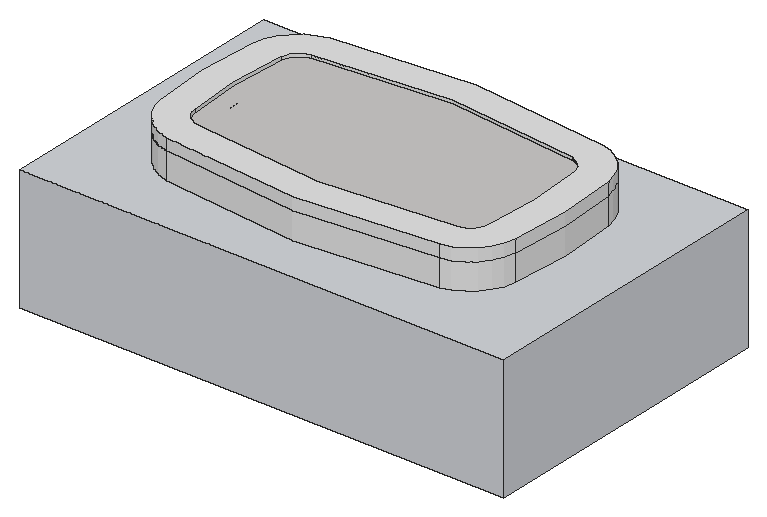
Revit family
Parameters (values of type "White Granite with Stainless Cover")
  seatangle [instance] = if(Fold Down, 90.00°, 0.00°)  # 0.00°
  dooradjust [instance] = if(seatangle = 0.00°, 0' 0 5/8", 0' 1 5/8")  # 0' - 0 5/8"
  Warranty Duration (Years) = 0
  Unit Width = 2' - 11 3/16"
  Unit Height = 1' - 10 1/4"
  Unit Depth = 0' - 3 3/4"
  URL = "http://www.bobrick.com/Pages/default.aspx"
  Test Data = ""
  Standards Conformance = "ADA with proper mounting height  ;  Made in U.S.A."
  Specification = ""
  SpecWizard = ""
  Send Message = "http://www.arcat.com/users.pl?action=UserEmail&company=Bobrick+Washroom+Equipment,+Inc.&coid=30988&rep=156&fax=818-503-1930&mf="
  Sales Information = "http://www.bobrick.com/Pages/ContactUs.aspx"
  Revision = "R1_10_2012"
  Region Restriction = "None"
  Recycled Content = "16%"
  Product Properties = ""
  Product Data = "http://arcat.com/arcatcos/cos30/arc30988.html?isac=1&r=1"
  Mounting Height [instance] = 2' - 4 3/4"
  Model = "KB200-05SS"
  Manufacturer Website = "http://www.bobrick.com/Pages/default.aspx"
  Manufacturer Phone - Toll Free = ""
  Manufacturer Phone = "818-764-1000"
  Manufacturer Fax = "818-503-1930"
  Manufacturer Address = "11611 Hart St. North Hollywood, CA 91605-5882"
  Manufacturer = "Bobrick Washroom Equipment, Inc."
  Maintenance Schedule (Months) = 0
  Keynote = "102813"
  Installation-Fabrication = "http://www.bobrick.com/washroomaccessories/Pages/WashroomAccessories.aspx"
  Installation Phase = ""
  Green Building-LEED = ""
  Fold Up [instance] = not(Fold Down)  # yes
  Fold Down [instance] = no
  Fixture Material = Plastic - Bobrick - White Granite
  Expected Lifespan (Years) = 0
  Drawn By = "Sumex Design, Inc. / Robert S. Weygant, CSI, CDT, SCIP"
  Description = "Bobrick Horizontal Baby Changing Station - Koala Kare KB200-05SS"
  Default Elevation = 0' - 0"
  Cover Finish = Plastic - Bobrick - White Granite
  Copyright = "©Arcat Inc."
  Construction Details = ""
  Center Plate Finish = Steel - Bobrick - Stainless Satin
  Capacity = "200 lbs  ;  50 liners"
  Building Codes = ""
  Assembly Code = "E1090900"
Types (6): name | Model | Fixture Material | Description | Cover Finish | Center Plate Finish
  White Granite with Stainless Cover | "KB200-05SS" | Plastic - Bobrick - White Granite | "Bobrick Horizontal Baby Changing Station - Koala Kare KB200-05SS" | Plastic - Bobrick - White Granite | Steel - Bobrick - Stainless Satin
  Grey with Stainless Cover | "KB200-01SS" | Plastic - Bobrick - Grey | "Bobrick Horizontal Baby Changing Station - Koala Kare KB200-01SS" | Plastic - Bobrick - Grey | Steel - Bobrick - Stainless Satin
  Earth | "KB200-11" | Plastic - Bobrick - Earth | "Bobrick Horizontal Baby Changing Station - Koala Kare KB200-11" | Plastic - Bobrick - Earth | Plastic - Bobrick - Earth
  White Granite | "KB200-05" | Plastic - Bobrick - White Granite | "Bobrick Horizontal Baby Changing Station - Koala Kare KB200-05" | Plastic - Bobrick - White Granite | Plastic - Bobrick - White Granite
  Grey | "KB200-01" | Plastic - Bobrick - Grey | "Bobrick Horizontal Baby Changing Station - Koala Kare KB200-01" | Plastic - Bobrick - Grey | Plastic - Bobrick - Grey
  Cream | "KB200-00" | Plastic - Bobrick - Cream | "Bobrick Horizontal Baby Changing Station - Koala Kare KB200-00" | Plastic - Bobrick - Cream | Plastic - Bobrick - Cream
Reference planes (in)
  plane 1 "x": y = -4.03043
  plane 2: z = 0
  plane 3 "Center (Left/Right)": x = 0
  plane 4: y = 7.09457
  plane 5: y = -15.15543
  plane 6: x = -17.59375
  plane 7: x = 17.59375
  plane 8: z = 3.75
  plane 9 "FF": y = -43.90543
  plane 10: z = 3.125
  plane 11: y = -13.96793
Forms (in)
  Extrusion 1, solid
    sketch origin (0, 0, 0) x (1, 0, 0) y (0, 1, 0)
      loop
        line (-23, 10.03207) -> (-23, -19.501) -> (23.9838, -19.501) -> (23.9838, 10.03207) -> (-23, 10.03207)
    from 0 to -12
  Extrusion 2, solid, material "Plastic - Bobrick - White Granite" <- "Cover Finish"
    sketch origin (0, -12.71793, 6.625) x (1, 0, 0) y (0, 1, 0)
      loop
        arc (-13.20722, 18.55231) -> (-15.89551, 17.07694) -> (-17.21695, 14.30973) r 5
        arc (-17.21695, 14.30973) -> (-17.59375, 8.6875) -> (-17.21695, 3.06527) r 42.13281
        arc (-17.21695, 3.06527) -> (-15.89551, 0.29806) -> (-13.20722, -1.17731) r 5
        arc (-13.20722, -1.17731) -> (0, -2.4375) -> (13.20722, -1.17731) r 69.83813
        arc (13.20722, -1.17731) -> (15.89551, 0.29806) -> (17.21695, 3.06527) r 5
        arc (17.21695, 3.06527) -> (17.59375, 8.6875) -> (17.21695, 14.30973) r 42.13281
        arc (17.21695, 14.30973) -> (15.89551, 17.07694) -> (13.20722, 18.55231) r 5
        arc (13.20722, 18.55231) -> (0, 19.8125) -> (-13.20722, 18.55231) r 69.83813
      loop
        arc (-12.63989, 15.60644) -> (-13.7152, 15.01629) -> (-14.24378, 13.90941) r 2
        arc (-14.24378, 13.90941) -> (-14.59375, 8.6875) -> (-14.24378, 3.46559) r 39.13281
        arc (-14.24378, 3.46559) -> (-13.7152, 2.35871) -> (-12.63989, 1.76856) r 2
        arc (-12.63989, 1.76856) -> (0, 0.5625) -> (12.63989, 1.76856) r 66.83813
        arc (12.63989, 1.76856) -> (13.7152, 2.35871) -> (14.24378, 3.46559) r 2
        arc (14.24378, 3.46559) -> (14.59375, 8.6875) -> (14.24378, 13.90941) r 39.13281
        arc (14.24378, 13.90941) -> (13.7152, 15.01629) -> (12.63989, 15.60644) r 2
        arc (12.63989, 15.60644) -> (0, 16.8125) -> (-12.63989, 15.60644) r 66.83813
    from -4.06149 to -2.875
  Extrusion 3, solid, material "Steel - Bobrick - Stainless Satin" <- "Center Plate Finish"
    sketch origin (0, -13.96793, 6.625) x (1, 0, 0) y (0, 1, 0)
      loop
        arc (-14.24378, 4.71559) -> (-13.7152, 3.60871) -> (-12.63989, 3.01856) r 2
        arc (-12.63989, 3.01856) -> (0, 1.8125) -> (12.63989, 3.01856) r 66.83813
        arc (12.63989, 3.01856) -> (13.7152, 3.60871) -> (14.24378, 4.71559) r 2
        arc (14.24378, 4.71559) -> (14.59375, 9.9375) -> (14.24378, 15.15941) r 39.13281
        arc (14.24378, 15.15941) -> (13.7152, 16.26629) -> (12.63989, 16.85644) r 2
        arc (12.63989, 16.85644) -> (0, 18.0625) -> (-12.63989, 16.85644) r 66.83813
        arc (-12.63989, 16.85644) -> (-13.7152, 16.26629) -> (-14.24378, 15.15941) r 2
        arc (-14.24378, 15.15941) -> (-14.59375, 9.9375) -> (-14.24378, 4.71559) r 39.13281
    from -4.33311 to -3.11615
  Extrusion 4, solid, material "Plastic - Bobrick - White Granite" <- "Fixture Material"
    sketch origin (0, -13.96793, 6.625) x (1, 0, 0) y (0, 1, 0)
      loop
        arc (-17.21695, 15.55973) -> (-17.59375, 9.9375) -> (-17.21695, 4.31527) r 42.13281
        arc (-17.21695, 4.31527) -> (-15.89551, 1.54806) -> (-13.20722, 0.07269) r 5
        arc (-13.20722, 0.07269) -> (0, -1.1875) -> (13.20722, 0.07269) r 69.83813
        arc (13.20722, 0.07269) -> (15.89551, 1.54806) -> (17.21695, 4.31527) r 5
        arc (17.21695, 4.31527) -> (17.59375, 9.9375) -> (17.21695, 15.55973) r 42.13281
        arc (17.21695, 15.55973) -> (15.89551, 18.32694) -> (13.20722, 19.80231) r 5
        arc (13.20722, 19.80231) -> (0, 21.0625) -> (-13.20722, 19.80231) r 69.83813
        arc (-13.20722, 19.80231) -> (-15.89551, 18.32694) -> (-17.21695, 15.55973) r 5
      loop
        arc (-15.23483, 15.29285) -> (-15.59375, 9.9375) -> (-15.23483, 4.58215) r 40.13281
        arc (-15.23483, 4.58215) -> (-14.44197, 2.92182) -> (-12.829, 2.0366) r 3
        arc (-12.829, 2.0366) -> (0, 0.8125) -> (12.829, 2.0366) r 67.83813
        arc (12.829, 2.0366) -> (14.44197, 2.92182) -> (15.23483, 4.58215) r 3
        arc (15.23483, 4.58215) -> (15.59375, 9.9375) -> (15.23483, 15.29285) r 40.13281
        arc (15.23483, 15.29285) -> (14.44197, 16.95318) -> (12.829, 17.8384) r 3
        arc (12.829, 17.8384) -> (0, 19.0625) -> (-12.829, 17.8384) r 67.83813
        arc (-12.829, 17.8384) -> (-14.44197, 16.95318) -> (-15.23483, 15.29285) r 3
    from -6.625 to -4.06149
  Blend 5, void
    base sketch origin (0, -13.96793, 6.625) x (1, 0, 0) y (0, 1, 0)
      loop
        arc (-15.23483, 4.58215) -> (-14.44197, 2.92182) -> (-12.829, 2.0366) r 3
        arc (-12.829, 2.0366) -> (0, 0.8125) -> (12.829, 2.0366) r 67.83813
        arc (12.829, 2.0366) -> (14.44197, 2.92182) -> (15.23483, 4.58215) r 3
        arc (15.23483, 4.58215) -> (15.59375, 9.9375) -> (15.23483, 15.29285) r 40.13281
        arc (15.23483, 15.29285) -> (14.44197, 16.95318) -> (12.829, 17.8384) r 3
        arc (12.829, 17.8384) -> (0, 19.0625) -> (-12.829, 17.8384) r 67.83813
        arc (-12.829, 17.8384) -> (-14.44197, 16.95318) -> (-15.23483, 15.29285) r 3
        arc (-15.23483, 15.29285) -> (-15.59375, 9.9375) -> (-15.23483, 4.58215) r 40.13281
    top sketch origin (0, -13.96793, 6.625) x (1, 0, 0) y (0, 1, 0)
      loop
        arc (-13.99601, 4.74895) -> (-13.53351, 3.78043) -> (-12.59261, 3.26405) r 1.75
        arc (-12.59261, 3.26405) -> (0, 2.0625) -> (12.59261, 3.26405) r 66.58813
        arc (12.59261, 3.26405) -> (13.53351, 3.78043) -> (13.99601, 4.74895) r 1.75
        arc (13.99601, 4.74895) -> (14.34375, 9.9375) -> (13.99601, 15.12605) r 38.88281
        arc (13.99601, 15.12605) -> (13.53351, 16.09457) -> (12.59261, 16.61095) r 1.75
        arc (12.59261, 16.61095) -> (0, 17.8125) -> (-12.59261, 16.61095) r 66.58813
        arc (-12.59261, 16.61095) -> (-13.53351, 16.09457) -> (-13.99601, 15.12605) r 1.75
        arc (-13.99601, 15.12605) -> (-14.34375, 9.9375) -> (-13.99601, 4.74895) r 38.88281
    from -5.97079 to -4.68497
  Extrusion 6, solid, material "Plastic - Bobrick - White Granite" <- "Fixture Material"
    sketch origin (0, -13.96793, 6.625) x (1, 0, 0) y (0, 1, 0)
      loop
        arc (-15.23483, 4.58215) -> (-14.44197, 2.92182) -> (-12.829, 2.0366) r 3
        arc (-12.829, 2.0366) -> (0, 0.8125) -> (12.829, 2.0366) r 67.83813
        arc (12.829, 2.0366) -> (14.44197, 2.92182) -> (15.23483, 4.58215) r 3
        arc (15.23483, 4.58215) -> (15.59375, 9.9375) -> (15.23483, 15.29285) r 40.13281
        arc (15.23483, 15.29285) -> (14.44197, 16.95318) -> (12.829, 17.8384) r 3
        arc (12.829, 17.8384) -> (0, 19.0625) -> (-12.829, 17.8384) r 67.83813
        arc (-12.829, 17.8384) -> (-14.44197, 16.95318) -> (-15.23483, 15.29285) r 3
        arc (-15.23483, 15.29285) -> (-15.59375, 9.9375) -> (-15.23483, 4.58215) r 40.13281
    from -5.97079 to -4.06149
  Sweep 7, solid, material "Plastic - Bobrick - White Granite" <- "Fixture Material"
    path origin (0, 0, 0) x (1, 0, 0) y (0, 1, 0)
      loop
        line (9.84375, -15.15543) -> (-9.84375, -15.15543)
    profile origin (0, -15.15543, 0) x (0, -1, 0) y (0, 0, 1)
      loop
        line (-19.83194, 1.56022) -> (-20.25, 0) -> (-1.02102, 0) -> (-1.02102, 0.46545) -> (-1.77102, 0.46545) -> (-1.77102, 1.08319) -> (-3.1414, 2.49248)
        arc (-3.1414, 2.49248) -> (-4.31734, 2.91818) -> (-5.37907, 2.25729) r 1.43152
        arc (-5.37907, 2.25729) -> (-12.20573, 2.86056) -> (-19.03495, 2.28703) r 39.91051
        arc (-19.03495, 2.28703) -> (-19.53984, 2.0403) -> (-19.83194, 1.56022) r 1
  Extrusion 8, void
    sketch origin (0, 0, 0) x (1, 0, 0) y (0, 1, 0)
      loop
        line (-9.84375, 5.09457) -> (-9.84375, 0.09457)
        arc (-9.84375, 0.09457) -> (-8.37928, 3.6301) -> (-4.84375, 5.09457) r 5
        line (-4.84375, 5.09457) -> (-9.84375, 5.09457)
      loop
        line (9.84375, 5.09457) -> (4.84375, 5.09457)
        arc (4.84375, 5.09457) -> (8.37928, 3.6301) -> (9.84375, 0.09457) r 5
        line (9.84375, 0.09457) -> (9.84375, 5.09457)
    from 0 to 3.13523
Cuts and joins
  Blend 5 cuts Extrusion 6
  Extrusion 8 cuts Sweep 7
Lines and regions (in)
  reference lines
    curve 1: line (0, -13.96793, 3.125) -> (0, -7.46793, 3.125)
    curve 2: line (0, -13.96793, 3.125) -> (0, -13.96793, 6.625)
Dimensions and locks (in)
  equal spacing: plane 4, plane 1 "x", plane 5
  "Unit Height": plane 4 to plane 5
  equal spacing: plane 6, plane 3 "Center (Left/Right)", plane 7
  "Unit Width": plane 6 to plane 7
  "Mounting Height": plane 5 to plane 9 "FF"
  "Unit Depth": plane 8 to level
  plane 5 to plane 11 = 0' - 1 3/16"
  "dooradjust": plane 8 to plane 10
  "seatangle": angle plane 10 to curve 1
  aligned and locked: plane 2 to Extrusion 1
  aligned and locked: level to Extrusion 1
  aligned and locked: plane 11 to curve 1
  aligned and locked: curve 1 to plane 10
  aligned and locked: plane 5 to Sweep 7 sketch curve
Automatic sketch dimensions
  Extrusion 1 sketch curve to Extrusion 1 sketch curve = 3' - 10.9838"
  Extrusion 1 sketch curve to Extrusion 1 sketch curve = 2' - 5.53307"
  curve 2 to curve 1 = 0' - 0"  (x2)
  curve 1 to curve 2 = 0' - 3 1/2"
  Extrusion 2 sketch curve to plane 3 "Center (Left/Right)" = 0' - 0"  (x2)
  plane 6 to Extrusion 2 sketch curve = 0' - 5.33209"  (x2)
  Extrusion 2 sketch curve to Extrusion 2 sketch curve = 0' - 0.94556"  (x4)
  Extrusion 2 sketch curve to Extrusion 2 sketch curve = 0' - 0"  (x38)
  plane 6 to Extrusion 2 sketch curve = 0' - 0.3768"
  Extrusion 2 sketch curve to Extrusion 2 sketch curve = 0' - 4.95528"  (x2)
  Extrusion 2 sketch curve to plane 6 = 0' - 6 121/128"
  Extrusion 2 sketch curve to plane 7 = 0' - 5.33209"  (x2)
  Extrusion 2 sketch curve to plane 7 = 0' - 0.3768"
  Extrusion 2 sketch curve to Extrusion 2 sketch curve = 0' - 1.98211"
  Extrusion 3 sketch curve to plane 3 "Center (Left/Right)" = 0' - 0"  (x2)
  plane 6 to Extrusion 3 sketch curve = 0' - 5.33209"  (x2)
  Extrusion 3 sketch curve to Extrusion 3 sketch curve = 0' - 0.37822"  (x4)
  Extrusion 3 sketch curve to Extrusion 3 sketch curve = 0' - 0"  (x7)
  Extrusion 3 sketch curve to Extrusion 3 sketch curve = 0' - 1.98211"  (x4)
  Extrusion 3 sketch curve to plane 6 = 0' - 6 121/128"
  Extrusion 3 sketch curve to plane 7 = 0' - 5.33209"  (x2)
  Extrusion 4 sketch curve to Extrusion 4 sketch curve = 0' - 0"  (x37)
  Extrusion 4 sketch curve to plane 3 "Center (Left/Right)" = 0' - 0"  (x2)
  plane 6 to Extrusion 4 sketch curve = 0' - 5.33209"  (x2)
  Extrusion 4 sketch curve to Extrusion 4 sketch curve = 0' - 0.56734"  (x4)
  Extrusion 4 sketch curve to Extrusion 4 sketch curve = 0' - 0.37822"  (x2)
  plane 6 to Extrusion 4 sketch curve = 0' - 2.35892"
  Extrusion 4 sketch curve to Extrusion 4 sketch curve = 0' - 2.97317"
  Extrusion 4 sketch curve to plane 6 = 0' - 6 121/128"
  Extrusion 4 sketch curve to plane 7 = 0' - 5.33209"  (x2)
  Extrusion 4 sketch curve to plane 7 = 0' - 2.35892"  (x2)
  Blend 5 sketch curve to plane 3 "Center (Left/Right)" = 0' - 0"  (x4)
  plane 6 to Blend 5 sketch curve = 0' - 5.33209"  (x4)
  Blend 5 sketch curve to Blend 5 sketch curve = 0' - 0.56734"  (x4)
  Blend 5 sketch curve to Blend 5 sketch curve = 0' - 0"  (x14)
  plane 6 to Blend 5 sketch curve = 0' - 2.35892"
  Blend 5 sketch curve to Blend 5 sketch curve = 0' - 2.97317"  (x2)
  Blend 5 sketch curve to plane 6 = 0' - 6 121/128"  (x2)
  Blend 5 sketch curve to plane 7 = 0' - 5.33209"  (x4)
  Blend 5 sketch curve to Blend 5 sketch curve = 0' - 0.33095"  (x4)
  Blend 5 sketch curve to Blend 5 sketch curve = 0' - 1.73435"  (x4)
  Blend 5 sketch curve to plane 7 = 0' - 2.35892"
  Extrusion 6 sketch curve to plane 3 "Center (Left/Right)" = 0' - 0"  (x2)
  plane 6 to Extrusion 6 sketch curve = 0' - 5.33209"  (x2)
  Extrusion 6 sketch curve to Extrusion 6 sketch curve = 0' - 0.56734"  (x4)
  Extrusion 6 sketch curve to Extrusion 6 sketch curve = 0' - 0"  (x7)
  plane 6 to Extrusion 6 sketch curve = 0' - 2.35892"
  Extrusion 6 sketch curve to Extrusion 6 sketch curve = 0' - 2.97317"  (x2)
  Extrusion 6 sketch curve to plane 6 = 0' - 6 121/128"
  Extrusion 6 sketch curve to plane 7 = 0' - 5.33209"  (x2)
  Extrusion 6 sketch curve to plane 7 = 0' - 2.35892"
  plane 6 to Sweep 7 sketch curve = 0' - 7 3/4"
  Sweep 7 sketch curve to plane 7 = 0' - 7 3/4"
  Sweep 7 sketch curve to level = 0' - 0"
  profile plane to Sweep 7 sketch curve = 1' - 8 1/4"
  level to Sweep 7 sketch curve = 0' - 1.56022"
  Sweep 7 sketch curve to Sweep 7 sketch curve = 0' - 0.41806"
  Sweep 7 sketch curve to Sweep 7 sketch curve = 0' - 0.79699"
  Sweep 7 sketch curve to Sweep 7 sketch curve = 0' - 0"
  Sweep 7 sketch curve to Sweep 7 sketch curve = 0' - 0.16894"
  profile plane to Sweep 7 sketch curve = 1' - 0.29266"
  profile plane to Sweep 7 sketch curve = 0' - 5.37907"
  Sweep 7 sketch curve to Sweep 7 sketch curve = 0' - 1.02631"
  Sweep 7 sketch curve to Sweep 7 sketch curve = 0' - 1.37038"
  Sweep 7 sketch curve to Sweep 7 sketch curve = 0' - 0 3/4"
  Sweep 7 sketch curve to Sweep 7 sketch curve = 0' - 0.46545"
  Sweep 7 sketch curve to Sweep 7 sketch curve = 0' - 0.61774"
  Sweep 7 sketch curve to Sweep 7 sketch curve = 0' - 0.76279"
  Sweep 7 sketch curve to Sweep 7 sketch curve = 0' - 1.40928"
  Sweep 7 sketch curve to Sweep 7 sketch curve = 0' - 1.21137"
  Extrusion 8 sketch curve to plane 4 = 0' - 2"  (x2)
  plane 6 to Extrusion 8 sketch curve = 0' - 7 3/4"
  Extrusion 8 sketch curve to Extrusion 8 sketch curve = 0' - 5"  (x2)
  plane 3 "Center (Left/Right)" to Extrusion 8 sketch curve = 0' - 4 27/32"
  plane 1 "x" to Extrusion 2 sketch curve = 0' - 0"
  plane 1 "x" to Extrusion 2 sketch curve = 0' - 4.95503"
  plane 1 "x" to Extrusion 3 sketch curve = 0' - 0"
  plane 1 "x" to Extrusion 3 sketch curve = 0' - 4.95503"
  plane 1 "x" to Extrusion 4 sketch curve = 0' - 0"
  plane 1 "x" to Extrusion 4 sketch curve = 0' - 4.95503"
  plane 1 "x" to Blend 5 sketch curve = 0' - 0"  (x2)
  plane 1 "x" to Blend 5 sketch curve = 0' - 4.95503"  (x2)
  plane 1 "x" to Extrusion 6 sketch curve = 0' - 0"
  plane 1 "x" to Extrusion 6 sketch curve = 0' - 4.95503"
